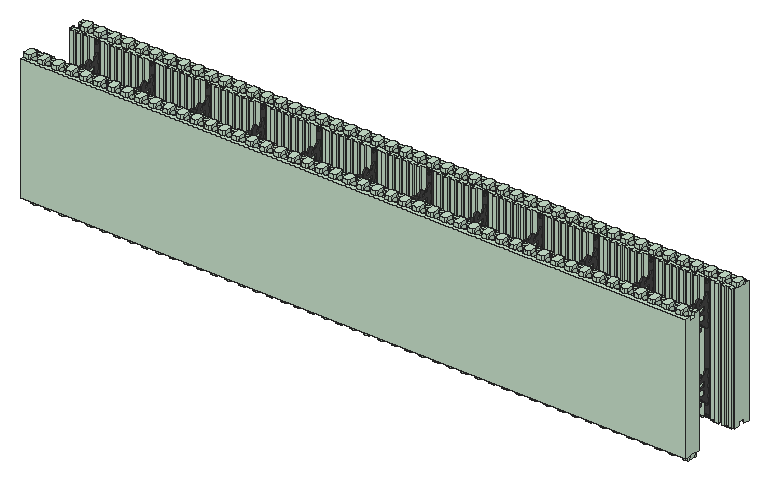
Revit family (continued)
Forms (in)
  Extrusion 156, void
    sketch origin (74, 0, 0) x (1, 0, 0) y (0, 1, 0)
      loop
        line (1, 4.89808) -> (1, 3.97692)
        arc (1, 3.97692) -> (1.04785, 3.82983) -> (1.17308, 3.73905) r 0.25
        arc (1.17308, 3.73905) -> (1.42092, 3.69045) -> (1.67323, 3.70172) r 1.0625
        arc (1.67323, 3.70172) -> (1.72385, 3.68771) -> (1.74592, 3.64005) r 0.0625
        line (1.74592, 3.64005) -> (1.74592, 3.41845) -> (1.91675, 3.41845) -> (1.91675, 3.76455)
        arc (1.91675, 3.76455) -> (1.92106, 3.78736) -> (1.9334, 3.80702) r 0.0625
        arc (1.9334, 3.80702) -> (1.98276, 3.88568) -> (2, 3.97692) r 0.25
        line (2, 3.97692) -> (2, 4.89808)
        arc (2, 4.89808) -> (1.95215, 5.04517) -> (1.82692, 5.13595) r 0.25
        arc (1.82692, 5.13595) -> (1.5, 5.1875) -> (1.17308, 5.13595) r 1.0625
        arc (1.17308, 5.13595) -> (1.04785, 5.04517) -> (1, 4.89808) r 0.25
    from 0 to 0.5
  Extrusion 157, void
    sketch origin (72, 0, 0) x (1, 0, 0) y (0, 1, 0)
      loop
        line (1, 4.89808) -> (1, 3.97692)
        arc (1, 3.97692) -> (1.04785, 3.82983) -> (1.17308, 3.73905) r 0.25
        arc (1.17308, 3.73905) -> (1.42092, 3.69045) -> (1.67323, 3.70172) r 1.0625
        arc (1.67323, 3.70172) -> (1.72385, 3.68771) -> (1.74592, 3.64005) r 0.0625
        line (1.74592, 3.64005) -> (1.74592, 3.41845) -> (1.91675, 3.41845) -> (1.91675, 3.76455)
        arc (1.91675, 3.76455) -> (1.92106, 3.78736) -> (1.9334, 3.80702) r 0.0625
        arc (1.9334, 3.80702) -> (1.98276, 3.88568) -> (2, 3.97692) r 0.25
        line (2, 3.97692) -> (2, 4.89808)
        arc (2, 4.89808) -> (1.95215, 5.04517) -> (1.82692, 5.13595) r 0.25
        arc (1.82692, 5.13595) -> (1.5, 5.1875) -> (1.17308, 5.13595) r 1.0625
        arc (1.17308, 5.13595) -> (1.04785, 5.04517) -> (1, 4.89808) r 0.25
    from 0 to 0.5
  Extrusion 158, void
    sketch origin (70, 0, 0) x (1, 0, 0) y (0, 1, 0)
      loop
        line (1, 4.89808) -> (1, 3.97692)
        arc (1, 3.97692) -> (1.04785, 3.82983) -> (1.17308, 3.73905) r 0.25
        arc (1.17308, 3.73905) -> (1.42092, 3.69045) -> (1.67323, 3.70172) r 1.0625
        arc (1.67323, 3.70172) -> (1.72385, 3.68771) -> (1.74592, 3.64005) r 0.0625
        line (1.74592, 3.64005) -> (1.74592, 3.41845) -> (1.91675, 3.41845) -> (1.91675, 3.76455)
        arc (1.91675, 3.76455) -> (1.92106, 3.78736) -> (1.9334, 3.80702) r 0.0625
        arc (1.9334, 3.80702) -> (1.98276, 3.88568) -> (2, 3.97692) r 0.25
        line (2, 3.97692) -> (2, 4.89808)
        arc (2, 4.89808) -> (1.95215, 5.04517) -> (1.82692, 5.13595) r 0.25
        arc (1.82692, 5.13595) -> (1.5, 5.1875) -> (1.17308, 5.13595) r 1.0625
        arc (1.17308, 5.13595) -> (1.04785, 5.04517) -> (1, 4.89808) r 0.25
    from 0 to 0.5
  Extrusion 159, void
    sketch origin (68, 0, 0) x (1, 0, 0) y (0, 1, 0)
      loop
        line (1, 4.89808) -> (1, 3.97692)
        arc (1, 3.97692) -> (1.04785, 3.82983) -> (1.17308, 3.73905) r 0.25
        arc (1.17308, 3.73905) -> (1.42092, 3.69045) -> (1.67323, 3.70172) r 1.0625
        arc (1.67323, 3.70172) -> (1.72385, 3.68771) -> (1.74592, 3.64005) r 0.0625
        line (1.74592, 3.64005) -> (1.74592, 3.41845) -> (1.91675, 3.41845) -> (1.91675, 3.76455)
        arc (1.91675, 3.76455) -> (1.92106, 3.78736) -> (1.9334, 3.80702) r 0.0625
        arc (1.9334, 3.80702) -> (1.98276, 3.88568) -> (2, 3.97692) r 0.25
        line (2, 3.97692) -> (2, 4.89808)
        arc (2, 4.89808) -> (1.95215, 5.04517) -> (1.82692, 5.13595) r 0.25
        arc (1.82692, 5.13595) -> (1.5, 5.1875) -> (1.17308, 5.13595) r 1.0625
        arc (1.17308, 5.13595) -> (1.04785, 5.04517) -> (1, 4.89808) r 0.25
    from 0 to 0.5
  Extrusion 160, void
    sketch origin (66, 0, 0) x (1, 0, 0) y (0, 1, 0)
      loop
        line (1, 4.89808) -> (1, 3.97692)
        arc (1, 3.97692) -> (1.04785, 3.82983) -> (1.17308, 3.73905) r 0.25
        arc (1.17308, 3.73905) -> (1.42092, 3.69045) -> (1.67323, 3.70172) r 1.0625
        arc (1.67323, 3.70172) -> (1.72385, 3.68771) -> (1.74592, 3.64005) r 0.0625
        line (1.74592, 3.64005) -> (1.74592, 3.41845) -> (1.91675, 3.41845) -> (1.91675, 3.76455)
        arc (1.91675, 3.76455) -> (1.92106, 3.78736) -> (1.9334, 3.80702) r 0.0625
        arc (1.9334, 3.80702) -> (1.98276, 3.88568) -> (2, 3.97692) r 0.25
        line (2, 3.97692) -> (2, 4.89808)
        arc (2, 4.89808) -> (1.95215, 5.04517) -> (1.82692, 5.13595) r 0.25
        arc (1.82692, 5.13595) -> (1.5, 5.1875) -> (1.17308, 5.13595) r 1.0625
        arc (1.17308, 5.13595) -> (1.04785, 5.04517) -> (1, 4.89808) r 0.25
    from 0 to 0.5
  Extrusion 161, void
    sketch origin (64, 0, 0) x (1, 0, 0) y (0, 1, 0)
      loop
        line (1, 4.89808) -> (1, 3.97692)
        arc (1, 3.97692) -> (1.04785, 3.82983) -> (1.17308, 3.73905) r 0.25
        arc (1.17308, 3.73905) -> (1.42092, 3.69045) -> (1.67323, 3.70172) r 1.0625
        arc (1.67323, 3.70172) -> (1.72385, 3.68771) -> (1.74592, 3.64005) r 0.0625
        line (1.74592, 3.64005) -> (1.74592, 3.41845) -> (1.91675, 3.41845) -> (1.91675, 3.76455)
        arc (1.91675, 3.76455) -> (1.92106, 3.78736) -> (1.9334, 3.80702) r 0.0625
        arc (1.9334, 3.80702) -> (1.98276, 3.88568) -> (2, 3.97692) r 0.25
        line (2, 3.97692) -> (2, 4.89808)
        arc (2, 4.89808) -> (1.95215, 5.04517) -> (1.82692, 5.13595) r 0.25
        arc (1.82692, 5.13595) -> (1.5, 5.1875) -> (1.17308, 5.13595) r 1.0625
        arc (1.17308, 5.13595) -> (1.04785, 5.04517) -> (1, 4.89808) r 0.25
    from 0 to 0.5
  Extrusion 162, void
    sketch origin (62, 0, 0) x (1, 0, 0) y (0, 1, 0)
      loop
        line (1, 4.89808) -> (1, 3.97692)
        arc (1, 3.97692) -> (1.04785, 3.82983) -> (1.17308, 3.73905) r 0.25
        arc (1.17308, 3.73905) -> (1.42092, 3.69045) -> (1.67323, 3.70172) r 1.0625
        arc (1.67323, 3.70172) -> (1.72385, 3.68771) -> (1.74592, 3.64005) r 0.0625
        line (1.74592, 3.64005) -> (1.74592, 3.41845) -> (1.91675, 3.41845) -> (1.91675, 3.76455)
        arc (1.91675, 3.76455) -> (1.92106, 3.78736) -> (1.9334, 3.80702) r 0.0625
        arc (1.9334, 3.80702) -> (1.98276, 3.88568) -> (2, 3.97692) r 0.25
        line (2, 3.97692) -> (2, 4.89808)
        arc (2, 4.89808) -> (1.95215, 5.04517) -> (1.82692, 5.13595) r 0.25
        arc (1.82692, 5.13595) -> (1.5, 5.1875) -> (1.17308, 5.13595) r 1.0625
        arc (1.17308, 5.13595) -> (1.04785, 5.04517) -> (1, 4.89808) r 0.25
    from 0 to 0.5
  Extrusion 163, void
    sketch origin (60, 0, 0) x (1, 0, 0) y (0, 1, 0)
      loop
        line (1, 4.89808) -> (1, 3.97692)
        arc (1, 3.97692) -> (1.04785, 3.82983) -> (1.17308, 3.73905) r 0.25
        arc (1.17308, 3.73905) -> (1.42092, 3.69045) -> (1.67323, 3.70172) r 1.0625
        arc (1.67323, 3.70172) -> (1.72385, 3.68771) -> (1.74592, 3.64005) r 0.0625
        line (1.74592, 3.64005) -> (1.74592, 3.41845) -> (1.91675, 3.41845) -> (1.91675, 3.76455)
        arc (1.91675, 3.76455) -> (1.92106, 3.78736) -> (1.9334, 3.80702) r 0.0625
        arc (1.9334, 3.80702) -> (1.98276, 3.88568) -> (2, 3.97692) r 0.25
        line (2, 3.97692) -> (2, 4.89808)
        arc (2, 4.89808) -> (1.95215, 5.04517) -> (1.82692, 5.13595) r 0.25
        arc (1.82692, 5.13595) -> (1.5, 5.1875) -> (1.17308, 5.13595) r 1.0625
        arc (1.17308, 5.13595) -> (1.04785, 5.04517) -> (1, 4.89808) r 0.25
    from 0 to 0.5
  Extrusion 164, void
    sketch origin (58, 0, 0) x (1, 0, 0) y (0, 1, 0)
      loop
        line (1, 4.89808) -> (1, 3.97692)
        arc (1, 3.97692) -> (1.04785, 3.82983) -> (1.17308, 3.73905) r 0.25
        arc (1.17308, 3.73905) -> (1.42092, 3.69045) -> (1.67323, 3.70172) r 1.0625
        arc (1.67323, 3.70172) -> (1.72385, 3.68771) -> (1.74592, 3.64005) r 0.0625
        line (1.74592, 3.64005) -> (1.74592, 3.41845) -> (1.91675, 3.41845) -> (1.91675, 3.76455)
        arc (1.91675, 3.76455) -> (1.92106, 3.78736) -> (1.9334, 3.80702) r 0.0625
        arc (1.9334, 3.80702) -> (1.98276, 3.88568) -> (2, 3.97692) r 0.25
        line (2, 3.97692) -> (2, 4.89808)
        arc (2, 4.89808) -> (1.95215, 5.04517) -> (1.82692, 5.13595) r 0.25
        arc (1.82692, 5.13595) -> (1.5, 5.1875) -> (1.17308, 5.13595) r 1.0625
        arc (1.17308, 5.13595) -> (1.04785, 5.04517) -> (1, 4.89808) r 0.25
    from 0 to 0.5
  Extrusion 165, void
    sketch origin (56, 0, 0) x (1, 0, 0) y (0, 1, 0)
      loop
        line (1, 4.89808) -> (1, 3.97692)
        arc (1, 3.97692) -> (1.04785, 3.82983) -> (1.17308, 3.73905) r 0.25
        arc (1.17308, 3.73905) -> (1.42092, 3.69045) -> (1.67323, 3.70172) r 1.0625
        arc (1.67323, 3.70172) -> (1.72385, 3.68771) -> (1.74592, 3.64005) r 0.0625
        line (1.74592, 3.64005) -> (1.74592, 3.41845) -> (1.91675, 3.41845) -> (1.91675, 3.76455)
        arc (1.91675, 3.76455) -> (1.92106, 3.78736) -> (1.9334, 3.80702) r 0.0625
        arc (1.9334, 3.80702) -> (1.98276, 3.88568) -> (2, 3.97692) r 0.25
        line (2, 3.97692) -> (2, 4.89808)
        arc (2, 4.89808) -> (1.95215, 5.04517) -> (1.82692, 5.13595) r 0.25
        arc (1.82692, 5.13595) -> (1.5, 5.1875) -> (1.17308, 5.13595) r 1.0625
        arc (1.17308, 5.13595) -> (1.04785, 5.04517) -> (1, 4.89808) r 0.25
    from 0 to 0.5
  Extrusion 166, void
    sketch origin (54, 0, 0) x (1, 0, 0) y (0, 1, 0)
      loop
        line (1, 4.89808) -> (1, 3.97692)
        arc (1, 3.97692) -> (1.04785, 3.82983) -> (1.17308, 3.73905) r 0.25
        arc (1.17308, 3.73905) -> (1.42092, 3.69045) -> (1.67323, 3.70172) r 1.0625
        arc (1.67323, 3.70172) -> (1.72385, 3.68771) -> (1.74592, 3.64005) r 0.0625
        line (1.74592, 3.64005) -> (1.74592, 3.41845) -> (1.91675, 3.41845) -> (1.91675, 3.76455)
        arc (1.91675, 3.76455) -> (1.92106, 3.78736) -> (1.9334, 3.80702) r 0.0625
        arc (1.9334, 3.80702) -> (1.98276, 3.88568) -> (2, 3.97692) r 0.25
        line (2, 3.97692) -> (2, 4.89808)
        arc (2, 4.89808) -> (1.95215, 5.04517) -> (1.82692, 5.13595) r 0.25
        arc (1.82692, 5.13595) -> (1.5, 5.1875) -> (1.17308, 5.13595) r 1.0625
        arc (1.17308, 5.13595) -> (1.04785, 5.04517) -> (1, 4.89808) r 0.25
    from 0 to 0.5
  Extrusion 167, void
    sketch origin (52, 0, 0) x (1, 0, 0) y (0, 1, 0)
      loop
        line (1, 4.89808) -> (1, 3.97692)
        arc (1, 3.97692) -> (1.04785, 3.82983) -> (1.17308, 3.73905) r 0.25
        arc (1.17308, 3.73905) -> (1.42092, 3.69045) -> (1.67323, 3.70172) r 1.0625
        arc (1.67323, 3.70172) -> (1.72385, 3.68771) -> (1.74592, 3.64005) r 0.0625
        line (1.74592, 3.64005) -> (1.74592, 3.41845) -> (1.91675, 3.41845) -> (1.91675, 3.76455)
        arc (1.91675, 3.76455) -> (1.92106, 3.78736) -> (1.9334, 3.80702) r 0.0625
        arc (1.9334, 3.80702) -> (1.98276, 3.88568) -> (2, 3.97692) r 0.25
        line (2, 3.97692) -> (2, 4.89808)
        arc (2, 4.89808) -> (1.95215, 5.04517) -> (1.82692, 5.13595) r 0.25
        arc (1.82692, 5.13595) -> (1.5, 5.1875) -> (1.17308, 5.13595) r 1.0625
        arc (1.17308, 5.13595) -> (1.04785, 5.04517) -> (1, 4.89808) r 0.25
    from 0 to 0.5
  Extrusion 168, void
    sketch origin (50, 0, 0) x (1, 0, 0) y (0, 1, 0)
      loop
        line (1, 4.89808) -> (1, 3.97692)
        arc (1, 3.97692) -> (1.04785, 3.82983) -> (1.17308, 3.73905) r 0.25
        arc (1.17308, 3.73905) -> (1.42092, 3.69045) -> (1.67323, 3.70172) r 1.0625
        arc (1.67323, 3.70172) -> (1.72385, 3.68771) -> (1.74592, 3.64005) r 0.0625
        line (1.74592, 3.64005) -> (1.74592, 3.41845) -> (1.91675, 3.41845) -> (1.91675, 3.76455)
        arc (1.91675, 3.76455) -> (1.92106, 3.78736) -> (1.9334, 3.80702) r 0.0625
        arc (1.9334, 3.80702) -> (1.98276, 3.88568) -> (2, 3.97692) r 0.25
        line (2, 3.97692) -> (2, 4.89808)
        arc (2, 4.89808) -> (1.95215, 5.04517) -> (1.82692, 5.13595) r 0.25
        arc (1.82692, 5.13595) -> (1.5, 5.1875) -> (1.17308, 5.13595) r 1.0625
        arc (1.17308, 5.13595) -> (1.04785, 5.04517) -> (1, 4.89808) r 0.25
    from 0 to 0.5
  Extrusion 169, void
    sketch origin (48, 0, 0) x (1, 0, 0) y (0, 1, 0)
      loop
        line (1, 4.89808) -> (1, 3.97692)
        arc (1, 3.97692) -> (1.04785, 3.82983) -> (1.17308, 3.73905) r 0.25
        arc (1.17308, 3.73905) -> (1.42092, 3.69045) -> (1.67323, 3.70172) r 1.0625
        arc (1.67323, 3.70172) -> (1.72385, 3.68771) -> (1.74592, 3.64005) r 0.0625
        line (1.74592, 3.64005) -> (1.74592, 3.41845) -> (1.91675, 3.41845) -> (1.91675, 3.76455)
        arc (1.91675, 3.76455) -> (1.92106, 3.78736) -> (1.9334, 3.80702) r 0.0625
        arc (1.9334, 3.80702) -> (1.98276, 3.88568) -> (2, 3.97692) r 0.25
        line (2, 3.97692) -> (2, 4.89808)
        arc (2, 4.89808) -> (1.95215, 5.04517) -> (1.82692, 5.13595) r 0.25
        arc (1.82692, 5.13595) -> (1.5, 5.1875) -> (1.17308, 5.13595) r 1.0625
        arc (1.17308, 5.13595) -> (1.04785, 5.04517) -> (1, 4.89808) r 0.25
    from 0 to 0.5
  Extrusion 170, void
    sketch origin (46, 0, 0) x (1, 0, 0) y (0, 1, 0)
      loop
        line (1, 4.89808) -> (1, 3.97692)
        arc (1, 3.97692) -> (1.04785, 3.82983) -> (1.17308, 3.73905) r 0.25
        arc (1.17308, 3.73905) -> (1.42092, 3.69045) -> (1.67323, 3.70172) r 1.0625
        arc (1.67323, 3.70172) -> (1.72385, 3.68771) -> (1.74592, 3.64005) r 0.0625
        line (1.74592, 3.64005) -> (1.74592, 3.41845) -> (1.91675, 3.41845) -> (1.91675, 3.76455)
        arc (1.91675, 3.76455) -> (1.92106, 3.78736) -> (1.9334, 3.80702) r 0.0625
        arc (1.9334, 3.80702) -> (1.98276, 3.88568) -> (2, 3.97692) r 0.25
        line (2, 3.97692) -> (2, 4.89808)
        arc (2, 4.89808) -> (1.95215, 5.04517) -> (1.82692, 5.13595) r 0.25
        arc (1.82692, 5.13595) -> (1.5, 5.1875) -> (1.17308, 5.13595) r 1.0625
        arc (1.17308, 5.13595) -> (1.04785, 5.04517) -> (1, 4.89808) r 0.25
    from 0 to 0.5
  Extrusion 171, void
    sketch origin (44, 0, 0) x (1, 0, 0) y (0, 1, 0)
      loop
        line (1, 4.89808) -> (1, 3.97692)
        arc (1, 3.97692) -> (1.04785, 3.82983) -> (1.17308, 3.73905) r 0.25
        arc (1.17308, 3.73905) -> (1.42092, 3.69045) -> (1.67323, 3.70172) r 1.0625
        arc (1.67323, 3.70172) -> (1.72385, 3.68771) -> (1.74592, 3.64005) r 0.0625
        line (1.74592, 3.64005) -> (1.74592, 3.41845) -> (1.91675, 3.41845) -> (1.91675, 3.76455)
        arc (1.91675, 3.76455) -> (1.92106, 3.78736) -> (1.9334, 3.80702) r 0.0625
        arc (1.9334, 3.80702) -> (1.98276, 3.88568) -> (2, 3.97692) r 0.25
        line (2, 3.97692) -> (2, 4.89808)
        arc (2, 4.89808) -> (1.95215, 5.04517) -> (1.82692, 5.13595) r 0.25
        arc (1.82692, 5.13595) -> (1.5, 5.1875) -> (1.17308, 5.13595) r 1.0625
        arc (1.17308, 5.13595) -> (1.04785, 5.04517) -> (1, 4.89808) r 0.25
    from 0 to 0.5
  Extrusion 172, void
    sketch origin (42, 0, 0) x (1, 0, 0) y (0, 1, 0)
      loop
        line (1, 4.89808) -> (1, 3.97692)
        arc (1, 3.97692) -> (1.04785, 3.82983) -> (1.17308, 3.73905) r 0.25
        arc (1.17308, 3.73905) -> (1.42092, 3.69045) -> (1.67323, 3.70172) r 1.0625
        arc (1.67323, 3.70172) -> (1.72385, 3.68771) -> (1.74592, 3.64005) r 0.0625
        line (1.74592, 3.64005) -> (1.74592, 3.41845) -> (1.91675, 3.41845) -> (1.91675, 3.76455)
        arc (1.91675, 3.76455) -> (1.92106, 3.78736) -> (1.9334, 3.80702) r 0.0625
        arc (1.9334, 3.80702) -> (1.98276, 3.88568) -> (2, 3.97692) r 0.25
        line (2, 3.97692) -> (2, 4.89808)
        arc (2, 4.89808) -> (1.95215, 5.04517) -> (1.82692, 5.13595) r 0.25
        arc (1.82692, 5.13595) -> (1.5, 5.1875) -> (1.17308, 5.13595) r 1.0625
        arc (1.17308, 5.13595) -> (1.04785, 5.04517) -> (1, 4.89808) r 0.25
    from 0 to 0.5
  Extrusion 173, void
    sketch origin (40, 0, 0) x (1, 0, 0) y (0, 1, 0)
      loop
        line (1, 4.89808) -> (1, 3.97692)
        arc (1, 3.97692) -> (1.04785, 3.82983) -> (1.17308, 3.73905) r 0.25
        arc (1.17308, 3.73905) -> (1.42092, 3.69045) -> (1.67323, 3.70172) r 1.0625
        arc (1.67323, 3.70172) -> (1.72385, 3.68771) -> (1.74592, 3.64005) r 0.0625
        line (1.74592, 3.64005) -> (1.74592, 3.41845) -> (1.91675, 3.41845) -> (1.91675, 3.76455)
        arc (1.91675, 3.76455) -> (1.92106, 3.78736) -> (1.9334, 3.80702) r 0.0625
        arc (1.9334, 3.80702) -> (1.98276, 3.88568) -> (2, 3.97692) r 0.25
        line (2, 3.97692) -> (2, 4.89808)
        arc (2, 4.89808) -> (1.95215, 5.04517) -> (1.82692, 5.13595) r 0.25
        arc (1.82692, 5.13595) -> (1.5, 5.1875) -> (1.17308, 5.13595) r 1.0625
        arc (1.17308, 5.13595) -> (1.04785, 5.04517) -> (1, 4.89808) r 0.25
    from 0 to 0.5
  Extrusion 174, void
    sketch origin (38, 0, 0) x (1, 0, 0) y (0, 1, 0)
      loop
        line (1, 4.89808) -> (1, 3.97692)
        arc (1, 3.97692) -> (1.04785, 3.82983) -> (1.17308, 3.73905) r 0.25
        arc (1.17308, 3.73905) -> (1.42092, 3.69045) -> (1.67323, 3.70172) r 1.0625
        arc (1.67323, 3.70172) -> (1.72385, 3.68771) -> (1.74592, 3.64005) r 0.0625
        line (1.74592, 3.64005) -> (1.74592, 3.41845) -> (1.91675, 3.41845) -> (1.91675, 3.76455)
        arc (1.91675, 3.76455) -> (1.92106, 3.78736) -> (1.9334, 3.80702) r 0.0625
        arc (1.9334, 3.80702) -> (1.98276, 3.88568) -> (2, 3.97692) r 0.25
        line (2, 3.97692) -> (2, 4.89808)
        arc (2, 4.89808) -> (1.95215, 5.04517) -> (1.82692, 5.13595) r 0.25
        arc (1.82692, 5.13595) -> (1.5, 5.1875) -> (1.17308, 5.13595) r 1.0625
        arc (1.17308, 5.13595) -> (1.04785, 5.04517) -> (1, 4.89808) r 0.25
    from 0 to 0.5
  Extrusion 175, void
    sketch origin (36, 0, 0) x (1, 0, 0) y (0, 1, 0)
      loop
        line (1, 4.89808) -> (1, 3.97692)
        arc (1, 3.97692) -> (1.04785, 3.82983) -> (1.17308, 3.73905) r 0.25
        arc (1.17308, 3.73905) -> (1.42092, 3.69045) -> (1.67323, 3.70172) r 1.0625
        arc (1.67323, 3.70172) -> (1.72385, 3.68771) -> (1.74592, 3.64005) r 0.0625
        line (1.74592, 3.64005) -> (1.74592, 3.41845) -> (1.91675, 3.41845) -> (1.91675, 3.76455)
        arc (1.91675, 3.76455) -> (1.92106, 3.78736) -> (1.9334, 3.80702) r 0.0625
        arc (1.9334, 3.80702) -> (1.98276, 3.88568) -> (2, 3.97692) r 0.25
        line (2, 3.97692) -> (2, 4.89808)
        arc (2, 4.89808) -> (1.95215, 5.04517) -> (1.82692, 5.13595) r 0.25
        arc (1.82692, 5.13595) -> (1.5, 5.1875) -> (1.17308, 5.13595) r 1.0625
        arc (1.17308, 5.13595) -> (1.04785, 5.04517) -> (1, 4.89808) r 0.25
    from 0 to 0.5
  Extrusion 176, void
    sketch origin (34, 0, 0) x (1, 0, 0) y (0, 1, 0)
      loop
        line (1, 4.89808) -> (1, 3.97692)
        arc (1, 3.97692) -> (1.04785, 3.82983) -> (1.17308, 3.73905) r 0.25
        arc (1.17308, 3.73905) -> (1.42092, 3.69045) -> (1.67323, 3.70172) r 1.0625
        arc (1.67323, 3.70172) -> (1.72385, 3.68771) -> (1.74592, 3.64005) r 0.0625
        line (1.74592, 3.64005) -> (1.74592, 3.41845) -> (1.91675, 3.41845) -> (1.91675, 3.76455)
        arc (1.91675, 3.76455) -> (1.92106, 3.78736) -> (1.9334, 3.80702) r 0.0625
        arc (1.9334, 3.80702) -> (1.98276, 3.88568) -> (2, 3.97692) r 0.25
        line (2, 3.97692) -> (2, 4.89808)
        arc (2, 4.89808) -> (1.95215, 5.04517) -> (1.82692, 5.13595) r 0.25
        arc (1.82692, 5.13595) -> (1.5, 5.1875) -> (1.17308, 5.13595) r 1.0625
        arc (1.17308, 5.13595) -> (1.04785, 5.04517) -> (1, 4.89808) r 0.25
    from 0 to 0.5
  Extrusion 177, void
    sketch origin (32, 0, 0) x (1, 0, 0) y (0, 1, 0)
      loop
        line (1, 4.89808) -> (1, 3.97692)
        arc (1, 3.97692) -> (1.04785, 3.82983) -> (1.17308, 3.73905) r 0.25
        arc (1.17308, 3.73905) -> (1.42092, 3.69045) -> (1.67323, 3.70172) r 1.0625
        arc (1.67323, 3.70172) -> (1.72385, 3.68771) -> (1.74592, 3.64005) r 0.0625
        line (1.74592, 3.64005) -> (1.74592, 3.41845) -> (1.91675, 3.41845) -> (1.91675, 3.76455)
        arc (1.91675, 3.76455) -> (1.92106, 3.78736) -> (1.9334, 3.80702) r 0.0625
        arc (1.9334, 3.80702) -> (1.98276, 3.88568) -> (2, 3.97692) r 0.25
        line (2, 3.97692) -> (2, 4.89808)
        arc (2, 4.89808) -> (1.95215, 5.04517) -> (1.82692, 5.13595) r 0.25
        arc (1.82692, 5.13595) -> (1.5, 5.1875) -> (1.17308, 5.13595) r 1.0625
        arc (1.17308, 5.13595) -> (1.04785, 5.04517) -> (1, 4.89808) r 0.25
    from 0 to 0.5
  Extrusion 178, void
    sketch origin (30, 0, 0) x (1, 0, 0) y (0, 1, 0)
      loop
        line (1, 4.89808) -> (1, 3.97692)
        arc (1, 3.97692) -> (1.04785, 3.82983) -> (1.17308, 3.73905) r 0.25
        arc (1.17308, 3.73905) -> (1.42092, 3.69045) -> (1.67323, 3.70172) r 1.0625
        arc (1.67323, 3.70172) -> (1.72385, 3.68771) -> (1.74592, 3.64005) r 0.0625
        line (1.74592, 3.64005) -> (1.74592, 3.41845) -> (1.91675, 3.41845) -> (1.91675, 3.76455)
        arc (1.91675, 3.76455) -> (1.92106, 3.78736) -> (1.9334, 3.80702) r 0.0625
        arc (1.9334, 3.80702) -> (1.98276, 3.88568) -> (2, 3.97692) r 0.25
        line (2, 3.97692) -> (2, 4.89808)
        arc (2, 4.89808) -> (1.95215, 5.04517) -> (1.82692, 5.13595) r 0.25
        arc (1.82692, 5.13595) -> (1.5, 5.1875) -> (1.17308, 5.13595) r 1.0625
        arc (1.17308, 5.13595) -> (1.04785, 5.04517) -> (1, 4.89808) r 0.25
    from 0 to 0.5
  Extrusion 179, void
    sketch origin (28, 0, 0) x (1, 0, 0) y (0, 1, 0)
      loop
        line (1, 4.89808) -> (1, 3.97692)
        arc (1, 3.97692) -> (1.04785, 3.82983) -> (1.17308, 3.73905) r 0.25
        arc (1.17308, 3.73905) -> (1.42092, 3.69045) -> (1.67323, 3.70172) r 1.0625
        arc (1.67323, 3.70172) -> (1.72385, 3.68771) -> (1.74592, 3.64005) r 0.0625
        line (1.74592, 3.64005) -> (1.74592, 3.41845) -> (1.91675, 3.41845) -> (1.91675, 3.76455)
        arc (1.91675, 3.76455) -> (1.92106, 3.78736) -> (1.9334, 3.80702) r 0.0625
        arc (1.9334, 3.80702) -> (1.98276, 3.88568) -> (2, 3.97692) r 0.25
        line (2, 3.97692) -> (2, 4.89808)
        arc (2, 4.89808) -> (1.95215, 5.04517) -> (1.82692, 5.13595) r 0.25
        arc (1.82692, 5.13595) -> (1.5, 5.1875) -> (1.17308, 5.13595) r 1.0625
        arc (1.17308, 5.13595) -> (1.04785, 5.04517) -> (1, 4.89808) r 0.25
    from 0 to 0.5
  Extrusion 180, void
    sketch origin (26, 0, 0) x (1, 0, 0) y (0, 1, 0)
      loop
        line (1, 4.89808) -> (1, 3.97692)
        arc (1, 3.97692) -> (1.04785, 3.82983) -> (1.17308, 3.73905) r 0.25
        arc (1.17308, 3.73905) -> (1.42092, 3.69045) -> (1.67323, 3.70172) r 1.0625
        arc (1.67323, 3.70172) -> (1.72385, 3.68771) -> (1.74592, 3.64005) r 0.0625
        line (1.74592, 3.64005) -> (1.74592, 3.41845) -> (1.91675, 3.41845) -> (1.91675, 3.76455)
        arc (1.91675, 3.76455) -> (1.92106, 3.78736) -> (1.9334, 3.80702) r 0.0625
        arc (1.9334, 3.80702) -> (1.98276, 3.88568) -> (2, 3.97692) r 0.25
        line (2, 3.97692) -> (2, 4.89808)
        arc (2, 4.89808) -> (1.95215, 5.04517) -> (1.82692, 5.13595) r 0.25
        arc (1.82692, 5.13595) -> (1.5, 5.1875) -> (1.17308, 5.13595) r 1.0625
        arc (1.17308, 5.13595) -> (1.04785, 5.04517) -> (1, 4.89808) r 0.25
    from 0 to 0.5
  Extrusion 181, void
    sketch origin (24, 0, 0) x (1, 0, 0) y (0, 1, 0)
      loop
        line (1, 4.89808) -> (1, 3.97692)
        arc (1, 3.97692) -> (1.04785, 3.82983) -> (1.17308, 3.73905) r 0.25
        arc (1.17308, 3.73905) -> (1.42092, 3.69045) -> (1.67323, 3.70172) r 1.0625
        arc (1.67323, 3.70172) -> (1.72385, 3.68771) -> (1.74592, 3.64005) r 0.0625
        line (1.74592, 3.64005) -> (1.74592, 3.41845) -> (1.91675, 3.41845) -> (1.91675, 3.76455)
        arc (1.91675, 3.76455) -> (1.92106, 3.78736) -> (1.9334, 3.80702) r 0.0625
        arc (1.9334, 3.80702) -> (1.98276, 3.88568) -> (2, 3.97692) r 0.25
        line (2, 3.97692) -> (2, 4.89808)
        arc (2, 4.89808) -> (1.95215, 5.04517) -> (1.82692, 5.13595) r 0.25
        arc (1.82692, 5.13595) -> (1.5, 5.1875) -> (1.17308, 5.13595) r 1.0625
        arc (1.17308, 5.13595) -> (1.04785, 5.04517) -> (1, 4.89808) r 0.25
    from 0 to 0.5
  Extrusion 182, void
    sketch origin (22, 0, 0) x (1, 0, 0) y (0, 1, 0)
      loop
        line (1, 4.89808) -> (1, 3.97692)
        arc (1, 3.97692) -> (1.04785, 3.82983) -> (1.17308, 3.73905) r 0.25
        arc (1.17308, 3.73905) -> (1.42092, 3.69045) -> (1.67323, 3.70172) r 1.0625
        arc (1.67323, 3.70172) -> (1.72385, 3.68771) -> (1.74592, 3.64005) r 0.0625
        line (1.74592, 3.64005) -> (1.74592, 3.41845) -> (1.91675, 3.41845) -> (1.91675, 3.76455)
        arc (1.91675, 3.76455) -> (1.92106, 3.78736) -> (1.9334, 3.80702) r 0.0625
        arc (1.9334, 3.80702) -> (1.98276, 3.88568) -> (2, 3.97692) r 0.25
        line (2, 3.97692) -> (2, 4.89808)
        arc (2, 4.89808) -> (1.95215, 5.04517) -> (1.82692, 5.13595) r 0.25
        arc (1.82692, 5.13595) -> (1.5, 5.1875) -> (1.17308, 5.13595) r 1.0625
        arc (1.17308, 5.13595) -> (1.04785, 5.04517) -> (1, 4.89808) r 0.25
    from 0 to 0.5
  Extrusion 183, void
    sketch origin (20, 0, 0) x (1, 0, 0) y (0, 1, 0)
      loop
        line (1, 4.89808) -> (1, 3.97692)
        arc (1, 3.97692) -> (1.04785, 3.82983) -> (1.17308, 3.73905) r 0.25
        arc (1.17308, 3.73905) -> (1.42092, 3.69045) -> (1.67323, 3.70172) r 1.0625
        arc (1.67323, 3.70172) -> (1.72385, 3.68771) -> (1.74592, 3.64005) r 0.0625
        line (1.74592, 3.64005) -> (1.74592, 3.41845) -> (1.91675, 3.41845) -> (1.91675, 3.76455)
        arc (1.91675, 3.76455) -> (1.92106, 3.78736) -> (1.9334, 3.80702) r 0.0625
        arc (1.9334, 3.80702) -> (1.98276, 3.88568) -> (2, 3.97692) r 0.25
        line (2, 3.97692) -> (2, 4.89808)
        arc (2, 4.89808) -> (1.95215, 5.04517) -> (1.82692, 5.13595) r 0.25
        arc (1.82692, 5.13595) -> (1.5, 5.1875) -> (1.17308, 5.13595) r 1.0625
        arc (1.17308, 5.13595) -> (1.04785, 5.04517) -> (1, 4.89808) r 0.25
    from 0 to 0.5
  Extrusion 184, void
    sketch origin (18, 0, 0) x (1, 0, 0) y (0, 1, 0)
      loop
        line (1, 4.89808) -> (1, 3.97692)
        arc (1, 3.97692) -> (1.04785, 3.82983) -> (1.17308, 3.73905) r 0.25
        arc (1.17308, 3.73905) -> (1.42092, 3.69045) -> (1.67323, 3.70172) r 1.0625
        arc (1.67323, 3.70172) -> (1.72385, 3.68771) -> (1.74592, 3.64005) r 0.0625
        line (1.74592, 3.64005) -> (1.74592, 3.41845) -> (1.91675, 3.41845) -> (1.91675, 3.76455)
        arc (1.91675, 3.76455) -> (1.92106, 3.78736) -> (1.9334, 3.80702) r 0.0625
        arc (1.9334, 3.80702) -> (1.98276, 3.88568) -> (2, 3.97692) r 0.25
        line (2, 3.97692) -> (2, 4.89808)
        arc (2, 4.89808) -> (1.95215, 5.04517) -> (1.82692, 5.13595) r 0.25
        arc (1.82692, 5.13595) -> (1.5, 5.1875) -> (1.17308, 5.13595) r 1.0625
        arc (1.17308, 5.13595) -> (1.04785, 5.04517) -> (1, 4.89808) r 0.25
    from 0 to 0.5
  Extrusion 185, void
    sketch origin (16, 0, 0) x (1, 0, 0) y (0, 1, 0)
      loop
        line (1, 4.89808) -> (1, 3.97692)
        arc (1, 3.97692) -> (1.04785, 3.82983) -> (1.17308, 3.73905) r 0.25
        arc (1.17308, 3.73905) -> (1.42092, 3.69045) -> (1.67323, 3.70172) r 1.0625
        arc (1.67323, 3.70172) -> (1.72385, 3.68771) -> (1.74592, 3.64005) r 0.0625
        line (1.74592, 3.64005) -> (1.74592, 3.41845) -> (1.91675, 3.41845) -> (1.91675, 3.76455)
        arc (1.91675, 3.76455) -> (1.92106, 3.78736) -> (1.9334, 3.80702) r 0.0625
        arc (1.9334, 3.80702) -> (1.98276, 3.88568) -> (2, 3.97692) r 0.25
        line (2, 3.97692) -> (2, 4.89808)
        arc (2, 4.89808) -> (1.95215, 5.04517) -> (1.82692, 5.13595) r 0.25
        arc (1.82692, 5.13595) -> (1.5, 5.1875) -> (1.17308, 5.13595) r 1.0625
        arc (1.17308, 5.13595) -> (1.04785, 5.04517) -> (1, 4.89808) r 0.25
    from 0 to 0.5
  Extrusion 186, void
    sketch origin (14, 0, 0) x (1, 0, 0) y (0, 1, 0)
      loop
        line (1, 4.89808) -> (1, 3.97692)
        arc (1, 3.97692) -> (1.04785, 3.82983) -> (1.17308, 3.73905) r 0.25
        arc (1.17308, 3.73905) -> (1.42092, 3.69045) -> (1.67323, 3.70172) r 1.0625
        arc (1.67323, 3.70172) -> (1.72385, 3.68771) -> (1.74592, 3.64005) r 0.0625
        line (1.74592, 3.64005) -> (1.74592, 3.41845) -> (1.91675, 3.41845) -> (1.91675, 3.76455)
        arc (1.91675, 3.76455) -> (1.92106, 3.78736) -> (1.9334, 3.80702) r 0.0625
        arc (1.9334, 3.80702) -> (1.98276, 3.88568) -> (2, 3.97692) r 0.25
        line (2, 3.97692) -> (2, 4.89808)
        arc (2, 4.89808) -> (1.95215, 5.04517) -> (1.82692, 5.13595) r 0.25
        arc (1.82692, 5.13595) -> (1.5, 5.1875) -> (1.17308, 5.13595) r 1.0625
        arc (1.17308, 5.13595) -> (1.04785, 5.04517) -> (1, 4.89808) r 0.25
    from 0 to 0.5
  Extrusion 187, void
    sketch origin (12, 0, 0) x (1, 0, 0) y (0, 1, 0)
      loop
        line (1, 4.89808) -> (1, 3.97692)
        arc (1, 3.97692) -> (1.04785, 3.82983) -> (1.17308, 3.73905) r 0.25
        arc (1.17308, 3.73905) -> (1.42092, 3.69045) -> (1.67323, 3.70172) r 1.0625
        arc (1.67323, 3.70172) -> (1.72385, 3.68771) -> (1.74592, 3.64005) r 0.0625
        line (1.74592, 3.64005) -> (1.74592, 3.41845) -> (1.91675, 3.41845) -> (1.91675, 3.76455)
        arc (1.91675, 3.76455) -> (1.92106, 3.78736) -> (1.9334, 3.80702) r 0.0625
        arc (1.9334, 3.80702) -> (1.98276, 3.88568) -> (2, 3.97692) r 0.25
        line (2, 3.97692) -> (2, 4.89808)
        arc (2, 4.89808) -> (1.95215, 5.04517) -> (1.82692, 5.13595) r 0.25
        arc (1.82692, 5.13595) -> (1.5, 5.1875) -> (1.17308, 5.13595) r 1.0625
        arc (1.17308, 5.13595) -> (1.04785, 5.04517) -> (1, 4.89808) r 0.25
    from 0 to 0.5
  Extrusion 188, void
    sketch origin (10, 0, 0) x (1, 0, 0) y (0, 1, 0)
      loop
        line (1, 4.89808) -> (1, 3.97692)
        arc (1, 3.97692) -> (1.04785, 3.82983) -> (1.17308, 3.73905) r 0.25
        arc (1.17308, 3.73905) -> (1.42092, 3.69045) -> (1.67323, 3.70172) r 1.0625
        arc (1.67323, 3.70172) -> (1.72385, 3.68771) -> (1.74592, 3.64005) r 0.0625
        line (1.74592, 3.64005) -> (1.74592, 3.41845) -> (1.91675, 3.41845) -> (1.91675, 3.76455)
        arc (1.91675, 3.76455) -> (1.92106, 3.78736) -> (1.9334, 3.80702) r 0.0625
        arc (1.9334, 3.80702) -> (1.98276, 3.88568) -> (2, 3.97692) r 0.25
        line (2, 3.97692) -> (2, 4.89808)
        arc (2, 4.89808) -> (1.95215, 5.04517) -> (1.82692, 5.13595) r 0.25
        arc (1.82692, 5.13595) -> (1.5, 5.1875) -> (1.17308, 5.13595) r 1.0625
        arc (1.17308, 5.13595) -> (1.04785, 5.04517) -> (1, 4.89808) r 0.25
    from 0 to 0.5
  Extrusion 189, void
    sketch origin (8, 0, 0) x (1, 0, 0) y (0, 1, 0)
      loop
        line (1, 4.89808) -> (1, 3.97692)
        arc (1, 3.97692) -> (1.04785, 3.82983) -> (1.17308, 3.73905) r 0.25
        arc (1.17308, 3.73905) -> (1.42092, 3.69045) -> (1.67323, 3.70172) r 1.0625
        arc (1.67323, 3.70172) -> (1.72385, 3.68771) -> (1.74592, 3.64005) r 0.0625
        line (1.74592, 3.64005) -> (1.74592, 3.41845) -> (1.91675, 3.41845) -> (1.91675, 3.76455)
        arc (1.91675, 3.76455) -> (1.92106, 3.78736) -> (1.9334, 3.80702) r 0.0625
        arc (1.9334, 3.80702) -> (1.98276, 3.88568) -> (2, 3.97692) r 0.25
        line (2, 3.97692) -> (2, 4.89808)
        arc (2, 4.89808) -> (1.95215, 5.04517) -> (1.82692, 5.13595) r 0.25
        arc (1.82692, 5.13595) -> (1.5, 5.1875) -> (1.17308, 5.13595) r 1.0625
        arc (1.17308, 5.13595) -> (1.04785, 5.04517) -> (1, 4.89808) r 0.25
    from 0 to 0.5
  Extrusion 190, void
    sketch origin (6, 0, 0) x (1, 0, 0) y (0, 1, 0)
      loop
        line (1, 4.89808) -> (1, 3.97692)
        arc (1, 3.97692) -> (1.04785, 3.82983) -> (1.17308, 3.73905) r 0.25
        arc (1.17308, 3.73905) -> (1.42092, 3.69045) -> (1.67323, 3.70172) r 1.0625
        arc (1.67323, 3.70172) -> (1.72385, 3.68771) -> (1.74592, 3.64005) r 0.0625
        line (1.74592, 3.64005) -> (1.74592, 3.41845) -> (1.91675, 3.41845) -> (1.91675, 3.76455)
        arc (1.91675, 3.76455) -> (1.92106, 3.78736) -> (1.9334, 3.80702) r 0.0625
        arc (1.9334, 3.80702) -> (1.98276, 3.88568) -> (2, 3.97692) r 0.25
        line (2, 3.97692) -> (2, 4.89808)
        arc (2, 4.89808) -> (1.95215, 5.04517) -> (1.82692, 5.13595) r 0.25
        arc (1.82692, 5.13595) -> (1.5, 5.1875) -> (1.17308, 5.13595) r 1.0625
        arc (1.17308, 5.13595) -> (1.04785, 5.04517) -> (1, 4.89808) r 0.25
    from 0 to 0.5
  Extrusion 191, void
    sketch origin (4, 0, 0) x (1, 0, 0) y (0, 1, 0)
      loop
        line (1, 4.89808) -> (1, 3.97692)
        arc (1, 3.97692) -> (1.04785, 3.82983) -> (1.17308, 3.73905) r 0.25
        arc (1.17308, 3.73905) -> (1.42092, 3.69045) -> (1.67323, 3.70172) r 1.0625
        arc (1.67323, 3.70172) -> (1.72385, 3.68771) -> (1.74592, 3.64005) r 0.0625
        line (1.74592, 3.64005) -> (1.74592, 3.41845) -> (1.91675, 3.41845) -> (1.91675, 3.76455)
        arc (1.91675, 3.76455) -> (1.92106, 3.78736) -> (1.9334, 3.80702) r 0.0625
        arc (1.9334, 3.80702) -> (1.98276, 3.88568) -> (2, 3.97692) r 0.25
        line (2, 3.97692) -> (2, 4.89808)
        arc (2, 4.89808) -> (1.95215, 5.04517) -> (1.82692, 5.13595) r 0.25
        arc (1.82692, 5.13595) -> (1.5, 5.1875) -> (1.17308, 5.13595) r 1.0625
        arc (1.17308, 5.13595) -> (1.04785, 5.04517) -> (1, 4.89808) r 0.25
    from 0 to 0.5
  Extrusion 192, void
    sketch origin (2, 0, 0) x (1, 0, 0) y (0, 1, 0)
      loop
        line (1, 4.89808) -> (1, 3.97692)
        arc (1, 3.97692) -> (1.04785, 3.82983) -> (1.17308, 3.73905) r 0.25
        arc (1.17308, 3.73905) -> (1.42092, 3.69045) -> (1.67323, 3.70172) r 1.0625
        arc (1.67323, 3.70172) -> (1.72385, 3.68771) -> (1.74592, 3.64005) r 0.0625
        line (1.74592, 3.64005) -> (1.74592, 3.41845) -> (1.91675, 3.41845) -> (1.91675, 3.76455)
        arc (1.91675, 3.76455) -> (1.92106, 3.78736) -> (1.9334, 3.80702) r 0.0625
        arc (1.9334, 3.80702) -> (1.98276, 3.88568) -> (2, 3.97692) r 0.25
        line (2, 3.97692) -> (2, 4.89808)
        arc (2, 4.89808) -> (1.95215, 5.04517) -> (1.82692, 5.13595) r 0.25
        arc (1.82692, 5.13595) -> (1.5, 5.1875) -> (1.17308, 5.13595) r 1.0625
        arc (1.17308, 5.13595) -> (1.04785, 5.04517) -> (1, 4.89808) r 0.25
    from 0 to 0.5
  Extrusion 193, void
    sketch origin (0, 0, 0) x (1, 0, 0) y (0, 1, 0)
      loop
        line (1, 4.89808) -> (1, 3.97692)
        arc (1, 3.97692) -> (1.04785, 3.82983) -> (1.17308, 3.73905) r 0.25
        arc (1.17308, 3.73905) -> (1.42092, 3.69045) -> (1.67323, 3.70172) r 1.0625
        arc (1.67323, 3.70172) -> (1.72385, 3.68771) -> (1.74592, 3.64005) r 0.0625
        line (1.74592, 3.64005) -> (1.74592, 3.41845) -> (1.91675, 3.41845) -> (1.91675, 3.76455)
        arc (1.91675, 3.76455) -> (1.92106, 3.78736) -> (1.9334, 3.80702) r 0.0625
        arc (1.9334, 3.80702) -> (1.98276, 3.88568) -> (2, 3.97692) r 0.25
        line (2, 3.97692) -> (2, 4.89808)
        arc (2, 4.89808) -> (1.95215, 5.04517) -> (1.82692, 5.13595) r 0.25
        arc (1.82692, 5.13595) -> (1.5, 5.1875) -> (1.17308, 5.13595) r 1.0625
        arc (1.17308, 5.13595) -> (1.04785, 5.04517) -> (1, 4.89808) r 0.25
    from 0 to 0.5
Cuts and joins
  Extrusion 2, Extrusion 3, Extrusion 4, Extrusion 5, Extrusion 6, Extrusion 7, Extrusion 8, Extrusion 9, Extrusion 10, Extrusion 11, Extrusion 12, Extrusion 13, Extrusion 14, Extrusion 15, Extrusion 16, Extrusion 17, Extrusion 18, Extrusion 19, Extrusion 20, Extrusion 21, Extrusion 22, Extrusion 23, Extrusion 24, Extrusion 25, Extrusion 26, Extrusion 27, Extrusion 28, Extrusion 29, Extrusion 30, Extrusion 31, Extrusion 32, Extrusion 33, Extrusion 34, Extrusion 35, Extrusion 36, Extrusion 37, Extrusion 38, Extrusion 39, Extrusion 40, Extrusion 41, Extrusion 42, Extrusion 43, Extrusion 44, Extrusion 45, Extrusion 46, Extrusion 47, Extrusion 48, Extrusion 49, Extrusion 50, Extrusion 51, Extrusion 52, Extrusion 53, Extrusion 54, Extrusion 55, Extrusion 56, Extrusion 57, Extrusion 58, Extrusion 59, Extrusion 60, Extrusion 61, Extrusion 62, Extrusion 63, Extrusion 64, Extrusion 65, Extrusion 66, Extrusion 67, Extrusion 68, Extrusion 69, Extrusion 70, Extrusion 71, Extrusion 72, Extrusion 73, Extrusion 74, Extrusion 75, Extrusion 76, Extrusion 77, Extrusion 78, Extrusion 79, Extrusion 80, Extrusion 81, Extrusion 82, Extrusion 83, Extrusion 84, Extrusion 85, Extrusion 86, Extrusion 87, Extrusion 88, Extrusion 89, Extrusion 90, Extrusion 91, Extrusion 92, Extrusion 93, Extrusion 94, Extrusion 95, Extrusion 96, Extrusion 97, Extrusion 98, Extrusion 99, Extrusion 100, Extrusion 101, Extrusion 102, Extrusion 103, Extrusion 104, Extrusion 105, Extrusion 106, Extrusion 107, Extrusion 108, Extrusion 109, Extrusion 110, Extrusion 111, Extrusion 112, Extrusion 113, Extrusion 114, Extrusion 115, Extrusion 116, Extrusion 117, Extrusion 118, Extrusion 119, Extrusion 120, Extrusion 121, Extrusion 122, Extrusion 123, Extrusion 124, Extrusion 125, Extrusion 126, Extrusion 127, Extrusion 128, Extrusion 129, Extrusion 130, Extrusion 131, Extrusion 132, Extrusion 133, Extrusion 134, Extrusion 135, Extrusion 136, Extrusion 137, Extrusion 138, Extrusion 139, Extrusion 140, Extrusion 141, Extrusion 142, Extrusion 143, Extrusion 144, Extrusion 145, Extrusion 146, Extrusion 147, Extrusion 148, Extrusion 149, Extrusion 150, Extrusion 151, Extrusion 152, Extrusion 153, Extrusion 154, Extrusion 155, Extrusion 156, Extrusion 157, Extrusion 158, Extrusion 159, Extrusion 160, Extrusion 161, Extrusion 162, Extrusion 163, Extrusion 164, Extrusion 165, Extrusion 166, Extrusion 167, Extrusion 168, Extrusion 169, Extrusion 170, Extrusion 171, Extrusion 172, Extrusion 173, Extrusion 174, Extrusion 175, Extrusion 176, Extrusion 177, Extrusion 178, Extrusion 179, Extrusion 180, Extrusion 181, Extrusion 182, Extrusion 183, Extrusion 184, Extrusion 185, Extrusion 186, Extrusion 187, Extrusion 188, Extrusion 189, Extrusion 190, Extrusion 191, Extrusion 192, Extrusion 193 cuts Extrusion 1
Lines and regions (in)
  model lines
    curve 1: line (8, -5.625, 18) -> (8, -5.625, 0)
    curve 2: line (88, 5.625, 18) -> (88, 5.625, 0)
    curve 3: line (64, 5.625, 18) -> (64, 5.625, 0)
    curve 4: line (40, 5.625, 18) -> (40, 5.625, 0)
    curve 5: line (16, 5.625, 18) -> (16, 5.625, 0)
Dimensions and locks (in)
  locked: plane 3 "Center (Left/Right)" to plane 4 at 96
  locked: plane 6 to plane 5 at 6
  equal spacing: plane 6, plane 1 "Center (Front/Back)", plane 5
  locked: plane 5 to plane 7 at 2.625
  locked: plane 8 to plane 6 at 2.625
  locked: plane 9 to level at 18
  locked: plane 4 to plane 3 "Center (Left/Right)" at 96
  locked: plane 9 to plane 10 at 0.5
  locked: plane 11 to level at 0.5
  aligned and locked: plane 9 to Extrusion 1
  aligned and locked: Extrusion 1 to plane 3 "Center (Left/Right)"
  aligned and locked: plane 4 to Extrusion 1
  aligned and locked: level to Extrusion 1
  aligned and locked: nested 1 to plane 8
  aligned and locked: plane 10 to nested 111
  aligned and locked: nested 160 to cut or joined group of Extrusion 1, Extrusion 2, Extrusion 3, Extrusion 4, Extrusion 5, Extrusion 6, Extrusion 7, Extrusion 8, Extrusion 9, Extrusion 10, Extrusion 11, Extrusion 12, Extrusion 13, Extrusion 14, Extrusion 15, Extrusion 16, Extrusion 17, Extrusion 18, Extrusion 19, Extrusion 20, Extrusion 21, Extrusion 22, Extrusion 23, Extrusion 24, Extrusion 25, Extrusion 26, Extrusion 27, Extrusion 28, Extrusion 29, Extrusion 30, Extrusion 31, Extrusion 32, Extrusion 33, Extrusion 34, Extrusion 35, Extrusion 36, Extrusion 37, Extrusion 38, Extrusion 39, Extrusion 40, Extrusion 41, Extrusion 42, Extrusion 43, Extrusion 44, Extrusion 45, Extrusion 46, Extrusion 47, Extrusion 48, Extrusion 49, Extrusion 50, Extrusion 51, Extrusion 52, Extrusion 53, Extrusion 54, Extrusion 55, Extrusion 56, Extrusion 57, Extrusion 58, Extrusion 59, Extrusion 60, Extrusion 61, Extrusion 62, Extrusion 63, Extrusion 64, Extrusion 65, Extrusion 66, Extrusion 67, Extrusion 68, Extrusion 69, Extrusion 70, Extrusion 71, Extrusion 72, Extrusion 73, Extrusion 74, Extrusion 75, Extrusion 76, Extrusion 77, Extrusion 78, Extrusion 79, Extrusion 80, Extrusion 81, Extrusion 82, Extrusion 83, Extrusion 84, Extrusion 85, Extrusion 86, Extrusion 87, Extrusion 88, Extrusion 89, Extrusion 90, Extrusion 91, Extrusion 92, Extrusion 93, Extrusion 94, Extrusion 95, Extrusion 96, Extrusion 97, Extrusion 98, Extrusion 99, Extrusion 100, Extrusion 101, Extrusion 102, Extrusion 103, Extrusion 104, Extrusion 105, Extrusion 106, Extrusion 107, Extrusion 108, Extrusion 109, Extrusion 110, Extrusion 111, Extrusion 112, Extrusion 113, Extrusion 114, Extrusion 115, Extrusion 116, Extrusion 117, Extrusion 118, Extrusion 119, Extrusion 120, Extrusion 121, Extrusion 122, Extrusion 123, Extrusion 124, Extrusion 125, Extrusion 126, Extrusion 127, Extrusion 128, Extrusion 129, Extrusion 130, Extrusion 131, Extrusion 132, Extrusion 133, Extrusion 134, Extrusion 135, Extrusion 136, Extrusion 137, Extrusion 138, Extrusion 139, Extrusion 140, Extrusion 141, Extrusion 142, Extrusion 143, Extrusion 144, Extrusion 145, Extrusion 146, Extrusion 147, Extrusion 148, Extrusion 149, Extrusion 150, Extrusion 151, Extrusion 152, Extrusion 153, Extrusion 154, Extrusion 155, Extrusion 156, Extrusion 157, Extrusion 158, Extrusion 159, Extrusion 160, Extrusion 161, Extrusion 162, Extrusion 163, Extrusion 164, Extrusion 165, Extrusion 166, Extrusion 167, Extrusion 168, Extrusion 169, Extrusion 170, Extrusion 171, Extrusion 172, Extrusion 173, Extrusion 174, Extrusion 175, Extrusion 176, Extrusion 177, Extrusion 178, Extrusion 179, Extrusion 180, Extrusion 181, Extrusion 182, Extrusion 183, Extrusion 184, Extrusion 185, Extrusion 186, Extrusion 187, Extrusion 188, Extrusion 189, Extrusion 190, Extrusion 191, Extrusion 192, Extrusion 193
Automatic sketch dimensions
  Extrusion 1 sketch curve to plane 3 "Center (Left/Right)" = 0' - 0"  (x2)
  plane 6 to Extrusion 1 sketch curve = 0' - 0"  (x72)
  plane 5 to Extrusion 1 sketch curve = 0' - 0"  (x72)
  Extrusion 1 sketch curve to plane 4 = 0' - 0"  (x2)
  plane 8 to Extrusion 1 sketch curve = 0' - 0"
  plane 7 to Extrusion 1 sketch curve = 0' - 0"
  plane 3 "Center (Left/Right)" to Extrusion 1 sketch curve = 0' - 0.21883"  (x2)
  Extrusion 1 sketch curve to Extrusion 1 sketch curve = 0' - 0.06233"  (x286)
  Extrusion 1 sketch curve to Extrusion 1 sketch curve = 0' - 0.43767"  (x260)
  plane 6 to Extrusion 1 sketch curve = 0' - 0 1/4"  (x73)
  Extrusion 1 sketch curve to plane 5 = 0' - 0 1/4"  (x73)
  Extrusion 1 sketch curve to Extrusion 1 sketch curve = 0' - 2.43767"  (x24)
  Extrusion 1 sketch curve to plane 4 = 0' - 0.28117"  (x2)
  Extrusion 1 sketch curve to plane 4 = 0' - 0.21883"  (x2)
  plane 3 "Center (Left/Right)" to Extrusion 2 sketch curve = 0' - 1"
  Extrusion 2 sketch curve to Extrusion 2 sketch curve = 0' - 0.17308"  (x2)
  Extrusion 2 sketch curve to Extrusion 2 sketch curve = 0' - 0"  (x5)
  Extrusion 2 sketch curve to Extrusion 2 sketch curve = 0' - 0 1/4"  (x5)
  Extrusion 2 sketch curve to Extrusion 2 sketch curve = 0' - 0.17323"
  Extrusion 2 sketch curve to Extrusion 2 sketch curve = 0' - 0.01019"
  Extrusion 2 sketch curve to Extrusion 2 sketch curve = 0' - 0.07677"
  Extrusion 2 sketch curve to Extrusion 2 sketch curve = 0' - 0.07692"
  Extrusion 2 sketch curve to Extrusion 2 sketch curve = 0' - 0.17083"
  Extrusion 2 sketch curve to Extrusion 2 sketch curve = 0' - 0.01665"
  Extrusion 2 sketch curve to plane 8 = 0' - 0.48905"
  Extrusion 2 sketch curve to Extrusion 2 sketch curve = 0' - 0.14808"
  Extrusion 2 sketch curve to Extrusion 2 sketch curve = 0' - 0.33686"
  Extrusion 2 sketch curve to Extrusion 2 sketch curve = 0' - 0.2216"
  Extrusion 3 sketch curve to plane 8 = 0' - 0.72692"
  plane 3 "Center (Left/Right)" to Extrusion 3 sketch curve = 0' - 3"
  Extrusion 3 sketch curve to Extrusion 3 sketch curve = 0' - 0.17308"  (x2)
  Extrusion 3 sketch curve to Extrusion 3 sketch curve = 0' - 0"  (x5)
  Extrusion 3 sketch curve to Extrusion 3 sketch curve = 0' - 0 1/4"  (x4)
  Extrusion 3 sketch curve to Extrusion 3 sketch curve = 0' - 0.07692"  (x2)
  Extrusion 3 sketch curve to Extrusion 3 sketch curve = 0' - 0.17323"
  Extrusion 3 sketch curve to Extrusion 3 sketch curve = 0' - 0.01019"
  Extrusion 3 sketch curve to Extrusion 3 sketch curve = 0' - 0.07677"
  Extrusion 3 sketch curve to Extrusion 3 sketch curve = 0' - 0.17083"
  Extrusion 3 sketch curve to Extrusion 3 sketch curve = 0' - 0.01665"
  Extrusion 3 sketch curve to Extrusion 3 sketch curve = 0' - 0.14808"
  Extrusion 3 sketch curve to Extrusion 3 sketch curve = 0' - 0.33686"
  Extrusion 3 sketch curve to Extrusion 3 sketch curve = 0' - 0.2216"
  Extrusion 4 sketch curve to plane 8 = 0' - 0.72692"
  plane 3 "Center (Left/Right)" to Extrusion 4 sketch curve = 0' - 5"
  Extrusion 4 sketch curve to Extrusion 4 sketch curve = 0' - 0.17308"  (x2)
  Extrusion 4 sketch curve to Extrusion 4 sketch curve = 0' - 0"  (x5)
  Extrusion 4 sketch curve to Extrusion 4 sketch curve = 0' - 0 1/4"  (x4)
  Extrusion 4 sketch curve to Extrusion 4 sketch curve = 0' - 0.07692"  (x2)
  Extrusion 4 sketch curve to Extrusion 4 sketch curve = 0' - 0.17323"
  Extrusion 4 sketch curve to Extrusion 4 sketch curve = 0' - 0.01019"
  Extrusion 4 sketch curve to Extrusion 4 sketch curve = 0' - 0.07677"
  Extrusion 4 sketch curve to Extrusion 4 sketch curve = 0' - 0.17083"
  Extrusion 4 sketch curve to Extrusion 4 sketch curve = 0' - 0.01665"
  Extrusion 4 sketch curve to Extrusion 4 sketch curve = 0' - 0.14808"
  Extrusion 4 sketch curve to Extrusion 4 sketch curve = 0' - 0.33686"
  Extrusion 4 sketch curve to Extrusion 4 sketch curve = 0' - 0.2216"
  Extrusion 5 sketch curve to plane 8 = 0' - 0.72692"
  plane 3 "Center (Left/Right)" to Extrusion 5 sketch curve = 0' - 7"
  Extrusion 5 sketch curve to Extrusion 5 sketch curve = 0' - 0.17308"  (x2)
  Extrusion 5 sketch curve to Extrusion 5 sketch curve = 0' - 0"  (x5)
  Extrusion 5 sketch curve to Extrusion 5 sketch curve = 0' - 0 1/4"  (x4)
  Extrusion 5 sketch curve to Extrusion 5 sketch curve = 0' - 0.07692"  (x2)
  Extrusion 5 sketch curve to Extrusion 5 sketch curve = 0' - 0.17323"
  Extrusion 5 sketch curve to Extrusion 5 sketch curve = 0' - 0.01019"
  Extrusion 5 sketch curve to Extrusion 5 sketch curve = 0' - 0.07677"
  Extrusion 5 sketch curve to Extrusion 5 sketch curve = 0' - 0.17083"
  Extrusion 5 sketch curve to Extrusion 5 sketch curve = 0' - 0.01665"
  Extrusion 5 sketch curve to Extrusion 5 sketch curve = 0' - 0.14808"
  Extrusion 5 sketch curve to Extrusion 5 sketch curve = 0' - 0.33686"
  Extrusion 5 sketch curve to Extrusion 5 sketch curve = 0' - 0.2216"
  Extrusion 6 sketch curve to plane 8 = 0' - 0.72692"
  plane 3 "Center (Left/Right)" to Extrusion 6 sketch curve = 0' - 9"
  Extrusion 6 sketch curve to Extrusion 6 sketch curve = 0' - 0.17308"  (x2)
  Extrusion 6 sketch curve to Extrusion 6 sketch curve = 0' - 0"  (x5)
  Extrusion 6 sketch curve to Extrusion 6 sketch curve = 0' - 0 1/4"  (x4)
  Extrusion 6 sketch curve to Extrusion 6 sketch curve = 0' - 0.07692"  (x2)
  Extrusion 6 sketch curve to Extrusion 6 sketch curve = 0' - 0.17323"
  Extrusion 6 sketch curve to Extrusion 6 sketch curve = 0' - 0.01019"
  Extrusion 6 sketch curve to Extrusion 6 sketch curve = 0' - 0.07677"
  Extrusion 6 sketch curve to Extrusion 6 sketch curve = 0' - 0.17083"
  Extrusion 6 sketch curve to Extrusion 6 sketch curve = 0' - 0.01665"
  Extrusion 6 sketch curve to Extrusion 6 sketch curve = 0' - 0.14808"
  Extrusion 6 sketch curve to Extrusion 6 sketch curve = 0' - 0.33686"
  Extrusion 6 sketch curve to Extrusion 6 sketch curve = 0' - 0.2216"
  Extrusion 7 sketch curve to plane 8 = 0' - 0.72692"
  plane 3 "Center (Left/Right)" to Extrusion 7 sketch curve = 0' - 11"
  Extrusion 7 sketch curve to Extrusion 7 sketch curve = 0' - 0.17308"  (x2)
  Extrusion 7 sketch curve to Extrusion 7 sketch curve = 0' - 0"  (x5)
  Extrusion 7 sketch curve to Extrusion 7 sketch curve = 0' - 0 1/4"  (x4)
  Extrusion 7 sketch curve to Extrusion 7 sketch curve = 0' - 0.07692"  (x2)
  Extrusion 7 sketch curve to Extrusion 7 sketch curve = 0' - 0.17323"
  Extrusion 7 sketch curve to Extrusion 7 sketch curve = 0' - 0.01019"
  Extrusion 7 sketch curve to Extrusion 7 sketch curve = 0' - 0.07677"
  Extrusion 7 sketch curve to Extrusion 7 sketch curve = 0' - 0.17083"
  Extrusion 7 sketch curve to Extrusion 7 sketch curve = 0' - 0.01665"
  Extrusion 7 sketch curve to Extrusion 7 sketch curve = 0' - 0.14808"
  Extrusion 7 sketch curve to Extrusion 7 sketch curve = 0' - 0.33686"
  Extrusion 7 sketch curve to Extrusion 7 sketch curve = 0' - 0.2216"
  Extrusion 8 sketch curve to plane 8 = 0' - 0.72692"
  plane 3 "Center (Left/Right)" to Extrusion 8 sketch curve = 1' - 1"
  Extrusion 8 sketch curve to Extrusion 8 sketch curve = 0' - 0.17308"  (x2)
  Extrusion 8 sketch curve to Extrusion 8 sketch curve = 0' - 0"  (x5)
  Extrusion 8 sketch curve to Extrusion 8 sketch curve = 0' - 0 1/4"  (x4)
  Extrusion 8 sketch curve to Extrusion 8 sketch curve = 0' - 0.07692"  (x2)
  Extrusion 8 sketch curve to Extrusion 8 sketch curve = 0' - 0.17323"
  Extrusion 8 sketch curve to Extrusion 8 sketch curve = 0' - 0.01019"
  Extrusion 8 sketch curve to Extrusion 8 sketch curve = 0' - 0.07677"
  Extrusion 8 sketch curve to Extrusion 8 sketch curve = 0' - 0.17083"
  Extrusion 8 sketch curve to Extrusion 8 sketch curve = 0' - 0.01665"
  Extrusion 8 sketch curve to Extrusion 8 sketch curve = 0' - 0.14808"
  Extrusion 8 sketch curve to Extrusion 8 sketch curve = 0' - 0.33686"
  Extrusion 8 sketch curve to Extrusion 8 sketch curve = 0' - 0.2216"
  Extrusion 9 sketch curve to plane 8 = 0' - 0.72692"
  plane 3 "Center (Left/Right)" to Extrusion 9 sketch curve = 1' - 3"
  Extrusion 9 sketch curve to Extrusion 9 sketch curve = 0' - 0.17308"  (x2)
  Extrusion 9 sketch curve to Extrusion 9 sketch curve = 0' - 0"  (x5)
  Extrusion 9 sketch curve to Extrusion 9 sketch curve = 0' - 0 1/4"  (x4)
  Extrusion 9 sketch curve to Extrusion 9 sketch curve = 0' - 0.07692"  (x2)
  Extrusion 9 sketch curve to Extrusion 9 sketch curve = 0' - 0.17323"
  Extrusion 9 sketch curve to Extrusion 9 sketch curve = 0' - 0.01019"
  Extrusion 9 sketch curve to Extrusion 9 sketch curve = 0' - 0.07677"
  Extrusion 9 sketch curve to Extrusion 9 sketch curve = 0' - 0.17083"
  Extrusion 9 sketch curve to Extrusion 9 sketch curve = 0' - 0.01665"
  Extrusion 9 sketch curve to Extrusion 9 sketch curve = 0' - 0.14808"
  Extrusion 9 sketch curve to Extrusion 9 sketch curve = 0' - 0.33686"
  Extrusion 9 sketch curve to Extrusion 9 sketch curve = 0' - 0.2216"
  Extrusion 10 sketch curve to plane 8 = 0' - 0.72692"
  plane 3 "Center (Left/Right)" to Extrusion 10 sketch curve = 1' - 5"
  Extrusion 10 sketch curve to Extrusion 10 sketch curve = 0' - 0.17308"  (x2)
  Extrusion 10 sketch curve to Extrusion 10 sketch curve = 0' - 0"  (x5)
  Extrusion 10 sketch curve to Extrusion 10 sketch curve = 0' - 0 1/4"  (x4)
  Extrusion 10 sketch curve to Extrusion 10 sketch curve = 0' - 0.07692"  (x2)
  Extrusion 10 sketch curve to Extrusion 10 sketch curve = 0' - 0.17323"
  Extrusion 10 sketch curve to Extrusion 10 sketch curve = 0' - 0.01019"
  Extrusion 10 sketch curve to Extrusion 10 sketch curve = 0' - 0.07677"
  Extrusion 10 sketch curve to Extrusion 10 sketch curve = 0' - 0.17083"
  Extrusion 10 sketch curve to Extrusion 10 sketch curve = 0' - 0.01665"
  Extrusion 10 sketch curve to Extrusion 10 sketch curve = 0' - 0.14808"
  Extrusion 10 sketch curve to Extrusion 10 sketch curve = 0' - 0.33686"
  Extrusion 10 sketch curve to Extrusion 10 sketch curve = 0' - 0.2216"
  Extrusion 11 sketch curve to plane 8 = 0' - 0.72692"
  plane 3 "Center (Left/Right)" to Extrusion 11 sketch curve = 1' - 7"
  Extrusion 11 sketch curve to Extrusion 11 sketch curve = 0' - 0.17308"  (x2)
  Extrusion 11 sketch curve to Extrusion 11 sketch curve = 0' - 0"  (x5)
  Extrusion 11 sketch curve to Extrusion 11 sketch curve = 0' - 0 1/4"  (x4)
  Extrusion 11 sketch curve to Extrusion 11 sketch curve = 0' - 0.07692"  (x2)
  Extrusion 11 sketch curve to Extrusion 11 sketch curve = 0' - 0.17323"
  Extrusion 11 sketch curve to Extrusion 11 sketch curve = 0' - 0.01019"
  Extrusion 11 sketch curve to Extrusion 11 sketch curve = 0' - 0.07677"
  Extrusion 11 sketch curve to Extrusion 11 sketch curve = 0' - 0.17083"
  Extrusion 11 sketch curve to Extrusion 11 sketch curve = 0' - 0.01665"
  Extrusion 11 sketch curve to Extrusion 11 sketch curve = 0' - 0.14808"
  Extrusion 11 sketch curve to Extrusion 11 sketch curve = 0' - 0.33686"
